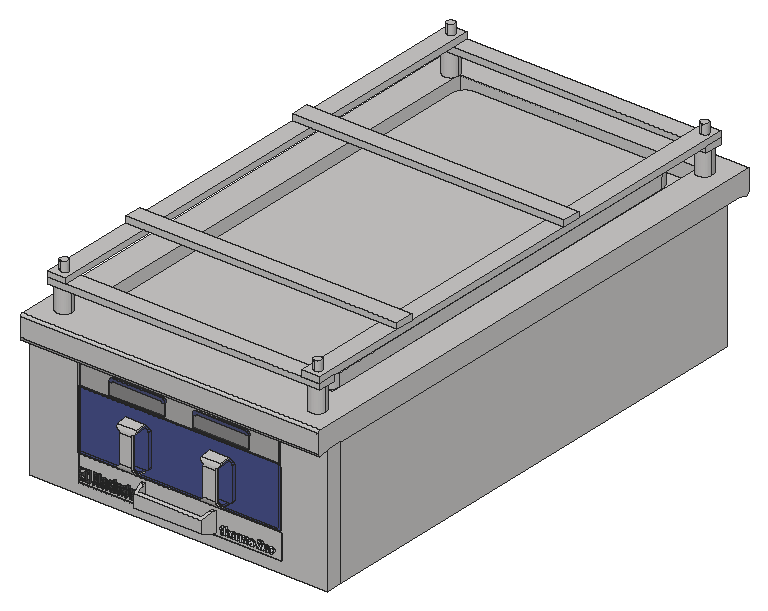
Revit family "QF_ELECTROLUXPROFESSIONAL_589890_MCTAAAEODM", category Specialty Equipment, Revit 2014
Parameters
  Weight in Pounds = 487.22
  URL Cutsheet = ""
  Type Mark [instance] = ""
  Specification by User [instance] = ""
  Specification by Manufacturer = ""
  Serial Number = ""
  Seismic Rating = ""
  SMACNA No = ""
  Revision Code [instance] = ""
  Omniclass Number and Title = ""
  NAFEM Spec ID Number = ""
  Model = "588557"
  Masterspec = ""
  Manufacturer = "Electrolux Professional"
  Item Number [instance] = ""
  Installed By [instance] = ""
  Identify Quantity as Lot [instance] = yes
  Furnished By [instance] = ""
  Foodservice Equipment Identifier [instance] = yes
  Description = ""
  CSI MasterFormat = ""
  CSI Master Format = ""
Reference planes
  plane 1 "BACK": y = 0
  plane 2: z = 0
  plane 3 "LEFT": x = 0
  plane 4 "RIGHT": x = 500
  plane 5 "FRONT": y = -900
  plane 6 "TOP": z = 900
  plane 7 "Center (Left/Right)": x = 250
  plane 8: y = -450
  plane 9: y = -150
  plane 10: x = 50
  plane 11: x = 450
  plane 12: y = -42
  plane 13: y = -808
  plane 14 "EIx": x = 455
  plane 15 "EIy": y = -685
  plane 16: z = 938
  plane 17 "BaseTop": z = 650
  plane 18: y = -855
Forms (mm)
  Extrusion 1, solid, material "QF_Finishes_Stainless Steel"
    sketch origin (-178.969, -4572, 100) x (-1, 0, 0) y (0, -1, 0)
      loop
        line (-178.969, -4527) -> (-178.969, -3717) -> (-678.969, -3717) -> (-678.969, -4527) -> (-178.969, -4527)
    from 550 to 762.969
  Extrusion 2, solid, material "QF_Finishes_Stainless Steel"
    sketch origin (0, 0, 650) x (-1, 0, 0) y (0, -1, 0)
      loop
        circle (-455, 685) r 6.35
    from 0 to -11.851
  Extrusion 3, solid, material "QF_Finishes_Stainless Steel"
    sketch origin (250, 296.4, 1219.2) x (0, 1, 0) y (0, 0, 1)
      loop
        line (-296.4, -319.2) -> (-1191.4, -319.2)
        arc (-1191.4, -319.2) -> (-1194.935, -320.664) -> (-1196.4, -324.2) r 5
        line (-1196.4, -324.2) -> (-1196.4, -355.2)
        arc (-1196.4, -355.2) -> (-1194.971, -358.264) -> (-1191.705, -359.139) r 4
        line (-1191.705, -359.139) -> (-1176.4, -356.231) -> (-316.4, -356.231) -> (-301.094, -359.139)
        arc (-301.094, -359.139) -> (-297.829, -358.264) -> (-296.4, -355.2) r 4
        line (-296.4, -355.2) -> (-296.4, -319.2)
    from -250 to 250
  Extrusion 4, solid, material "QF_Finishes_Stainless Steel"
    sketch origin (0, 0, 900) x (-1, 0, 0) y (0, -1, 0)
      loop
        arc (-95, 67) -> (-80.858, 72.858) -> (-75, 87) r 20
        line (-75, 87) -> (-75, 763)
        arc (-75, 763) -> (-80.858, 777.142) -> (-95, 783) r 20
        line (-95, 783) -> (-405, 783)
        arc (-405, 783) -> (-419.142, 777.142) -> (-425, 763) r 20
        line (-425, 763) -> (-425, 87)
        arc (-425, 87) -> (-419.142, 72.858) -> (-405, 67) r 20
        line (-405, 67) -> (-95, 67)
    from 1 to -20
  Extrusion 5, void
    sketch origin (0, 0, 900) x (-1, 0, 0) y (0, -1, 0)
      loop
        line (-50, 808) -> (-450, 808) -> (-450, 42) -> (-50, 42) -> (-50, 808)
    from 0 to -25
Cuts and joins
  Extrusion 5 cuts Extrusion 3
Lines and regions (mm)
  symbolic lines
    curve 1: line (0, 0, 100) -> (500, 0, 100)
    curve 2: line (0, -900, 100) -> (0, 0, 100)
    curve 3: line (500, -900, 100) -> (0, -900, 100)
    curve 4: line (500, 0, 100) -> (500, -900, 100)
    curve 5: line (50, -808, 0) -> (450, -808, 0)
    curve 6: line (450, -808, 0) -> (450, -42, 0)
    curve 7: line (450, -42, 0) -> (50, -42, 0)
    curve 8: line (50, -42, 0) -> (50, -808, 0)
    curve 9: arc (95, -67, 0) -> (80.858, -72.858, 0) -> (75, -87, 0) r 20
    curve 10: line (405, -67, 0) -> (95, -67, 0)
    curve 11: arc (425, -87, 0) -> (419.142, -72.858, 0) -> (405, -67, 0) r 20
    curve 12: arc (75, -763, 0) -> (80.858, -777.142, 0) -> (95, -783, 0) r 20
    curve 13: line (95, -783, 0) -> (405, -783, 0)
    curve 14: arc (405, -783, 0) -> (419.142, -777.142, 0) -> (425, -763, 0) r 20
    curve 15: line (425, -763, 0) -> (425, -707.5, 0)
    curve 16: line (75, -87, 0) -> (75, -327, 0)
    curve 17: line (75, -357.5, 0) -> (75, -677.5, 0)
    curve 18: line (425, -327.5, 0) -> (425, -87, 0)
    curve 19: line (425, -678, 0) -> (425, -358, 0)
    curve 20: line (75, -707.5, 0) -> (75, -763, 0)
Dimensions and locks
  plane 3 "LEFT" to plane 4 "RIGHT" = 500 mm
  plane 5 "FRONT" to plane 1 "BACK" = 900 mm
  equal spacing: plane 3 "LEFT", plane 7 "Center (Left/Right)", plane 4 "RIGHT"
  equal spacing: plane 5 "FRONT", plane 8, plane 1 "BACK"
  plane 6 "TOP" to level = 900 mm  (x2)
  plane 1 "BACK" to plane 9 = 150 mm
  plane 1 "BACK" to Extrusion 2 = 685 mm
  locked: plane 14 "EIx" to plane 4 "RIGHT" at 45
  plane 15 "EIy" to plane 1 "BACK" = 685 mm
  plane 16 to plane 6 "TOP" = 38 mm
  plane 12 to plane 1 "BACK" = 42 mm
  plane 5 "FRONT" to plane 13 = 92 mm
  plane 3 "LEFT" to plane 10 = 50 mm
  plane 11 to plane 4 "RIGHT" = 50 mm
  locked: plane 6 "TOP" to plane 17 "BaseTop" at 250
  locked: plane 18 to plane 5 "FRONT" at 45
  aligned and locked: level to plane 2
  aligned and locked: cut or joined group of Extrusion 3, Extrusion 5 to plane 3 "LEFT"
  aligned and locked: cut or joined group of Extrusion 3, Extrusion 5 to plane 4 "RIGHT"
  aligned and locked: Extrusion 5 sketch curve to plane 10
  aligned and locked: plane 12 to Extrusion 5 sketch curve
  aligned and locked: plane 11 to Extrusion 5 sketch curve
  aligned and locked: Extrusion 5 sketch curve to plane 13
  aligned and locked: nested 1 to plane 18
  aligned and locked: Extrusion 1 to plane 18
  aligned and locked: plane 3 "LEFT" to nested 1
Automatic sketch dimensions
  Extrusion 3 sketch curve to plane 5 "FRONT" = 0 mm
  Extrusion 3 sketch curve to plane 6 "TOP" = 0 mm
  Extrusion 3 sketch curve to plane 1 "BACK" = 0 mm
  Extrusion 3 sketch curve to plane 5 "FRONT" = 4 mm
  Extrusion 3 sketch curve to Extrusion 3 sketch curve = 0.695 mm
  Extrusion 3 sketch curve to plane 5 "FRONT" = 5 mm
  Extrusion 3 sketch curve to Extrusion 3 sketch curve = 15.305 mm
  plane 1 "BACK" to Extrusion 3 sketch curve = 20 mm
  plane 1 "BACK" to Extrusion 3 sketch curve = 4.695 mm
  Extrusion 3 sketch curve to Extrusion 3 sketch curve = 4 mm
  Extrusion 3 sketch curve to Extrusion 3 sketch curve = 31 mm
  Extrusion 3 sketch curve to plane 6 "TOP" = 36 mm
  Extrusion 3 sketch curve to Extrusion 3 sketch curve = 2.909 mm
  Extrusion 1 sketch curve to plane 4 "RIGHT" = 0 mm
  Extrusion 1 sketch curve to plane 3 "LEFT" = 0 mm
  plane 1 "BACK" to Extrusion 1 sketch curve = 45 mm
  plane 1 "BACK" to curve 1 = 0 mm
  curve 1 to plane 4 "RIGHT" = 0 mm
  curve 2 to plane 3 "LEFT" = 0 mm
  plane 5 "FRONT" to curve 3 = 0 mm
  Extrusion 2 sketch curve to plane 14 "EIx" = 0 mm
  Extrusion 2 sketch curve to plane 15 "EIy" = 0 mm
  Extrusion 1 sketch curve to plane 5 "FRONT" = 45 mm
  plane 11 to Extrusion 4 sketch curve = 25 mm
  Extrusion 4 sketch curve to Extrusion 4 sketch curve = 20 mm  (x3)
  plane 9 to Extrusion 4 sketch curve = 63 mm
  Extrusion 4 sketch curve to plane 10 = 45 mm
  Extrusion 4 sketch curve to plane 13 = 45 mm  (x2)
  curve 8 to plane 10 = 0 mm
  curve 6 to plane 11 = 0 mm
  plane 13 to curve 5 = 0 mm
  plane 12 to curve 8 = 0 mm
  curve 16 to plane 10 = 25 mm
  curve 20 to plane 10 = 25 mm
  curve 9 to curve 10 = 20 mm
  curve 12 to curve 13 = 20 mm
  plane 11 to curve 10 = 45 mm
  plane 11 to curve 13 = 45 mm
  curve 14 to curve 15 = 20 mm
  curve 11 to curve 18 = 20 mm
  curve 13 to plane 13 = 25 mm
  plane 12 to curve 11 = 45 mm
  curve 17 to plane 10 = 25 mm
  plane 11 to curve 19 = 25 mm
  curve 20 to plane 15 "EIy" = 22.5 mm
  curve 15 to plane 15 "EIy" = 22.5 mm
  plane 15 "EIy" to curve 19 = 7 mm
  plane 15 "EIy" to curve 17 = 7.5 mm
  plane 8 to curve 19 = 92 mm
  plane 8 to curve 17 = 92.5 mm
  curve 19 to curve 18 = 30.5 mm
  curve 17 to curve 16 = 30.5 mm
  radius of Extrusion 2 sketch curve = 6.35 mm
Nested families
  nested 1: "Front_Panel_W500_Two Knobs" at (52.376, -855, 0), type "Front_Panel_W500_Two Knobs"
  nested 2: "QF_ELECTROLUXPROFESSIONAL_MARINE500x900_1" at (0, 0, 0), type "QF_ELECTROLUXPROFESSIONAL_MARINE500x900_1"
    with Type Mark "", Specification by User "", Revision Code "", Item Number "", Installed By "", Identify Quantity as Lot yes, Furnished By "", Foodservice Equipment Identifier yes
Connectors
  electrical at (455, -685, 638.149)
    settings: on Extrusion 2, index 1, voltage 400 V, apparent load 33000 VA, apparent load phase1 0 VA, apparent load phase2 0 VA, apparent load phase3 0 VA, power factor 1, load classification "Other", number of poles 1, system type 30, power factor state 1, is connector primary yes, connector utility no, sub classification motor no, connector description "ELECTRICAL CONNECTION"
Definition of nested family "Front_Panel_W500_Two Knobs"
  Reference planes
    plane 1 "Center (Front/Back)": y = 0
    plane 2: z = 0
    plane 3 "Center (Left/Right)": x = 197.624
    plane 4 "Left": x = -52.376
    plane 5 "Right": x = 447.624
    plane 6: y = -45
    plane 7: x = 127.624
    plane 8: y = -310
    plane 9: y = -25
    plane 10: x = 370.124
    plane 11: x = 30.124
  Forms (mm)
    Extrusion 1, solid, material "QF_Finishes_Stainless Steel"
      sketch origin (833.217, 829.203, -1.25) x (0, 1, 0) y (0, 0, 1)
        loop
          line (-854.203, 651.25) -> (-829.203, 651.25) -> (-829.203, 864.25) -> (-854.203, 864.25) -> (-854.203, 651.25)
      from -885.593 to -385.593
    Extrusion 2, void
      sketch origin (0, 0, 0) x (1, 0, 0) y (0, 0, 1)
        loop
          line (27.624, 853.866) -> (27.624, 711.866) -> (367.624, 711.866) -> (367.624, 853.866) -> (27.624, 853.866)
      from 19.387 to 33.951
    Extrusion 3, void
      sketch origin (0, 0, 0) x (1, 0, 0) y (0, 0, 1)
        loop
          line (30.124, 711.866) -> (30.124, 666.866) -> (370.124, 666.866) -> (370.124, 711.866) -> (30.124, 711.866)
      from 19.387 to 25
    Extrusion 4, solid, material "QF_Finishes_Stainless Steel"
      sketch origin (0, 0, 0) x (1, 0, 0) y (0, 0, 1)
        loop
          line (31.124, 710.866) -> (31.124, 667.866) -> (369.124, 667.866) -> (369.124, 710.866) -> (31.124, 710.866)
      from 19.387 to 25
    Extrusion 5, solid, material "QF_Finishes_Stainless Steel"
      sketch origin (0, 0, 0) x (1, 0, 0) y (0, 1, 0)
        loop
          line (141.059, -25) -> (135.966, -25) -> (140.646, -49.075) -> (254.603, -49.075) -> (259.283, -25) -> (254.189, -25) -> (250.481, -44.075) -> (144.767, -44.075) -> (141.059, -25)
      from 672.593 to 705.67
    Extrusion 6, void
      sketch origin (197.624, 0, 0) x (0, 1, 0) y (0, 0, 1)
        loop
          line (-30, 705.67) -> (-30, 710.67) -> (-56.744, 710.67) -> (-56.744, 667.593) -> (-30, 667.593) -> (-30, 672.593) -> (-53.776, 680.318) -> (-53.776, 697.945) -> (-30, 705.67)
      from -70 to 70
    Extrusion 7, solid, material "QF_Door-Drawer Clearances", detail levels coarse
      sketch origin (0, -265, 0) x (1, 0, 0) y (0, 1, 0)
        loop
          line (140.646, -69.075) -> (254.603, -69.075) -> (259.283, -45) -> (364.124, -45) -> (364.124, 240) -> (31.124, 240) -> (31.124, -45) -> (135.966, -45) -> (140.646, -69.075)
      from 672.593 to 705.67
    Extrusion 8, void
      sketch origin (197.624, -280, 0) x (0, 1, 0) y (0, 0, 1)
        loop
          line (-30, 705.67) -> (-30, 710.67) -> (-56.744, 710.67) -> (-56.744, 667.593) -> (-30, 667.593) -> (-30, 672.593) -> (-53.776, 680.318) -> (-53.776, 697.945) -> (-30, 705.67)
      from -70 to 70
  Cuts and joins
    Extrusion 2, Extrusion 3 cuts Extrusion 1
    Extrusion 6, Extrusion 8 cuts Extrusion 5
    Extrusion 8 cuts Extrusion 7
  Lines and regions (mm)
    symbolic lines, style "SpecialityEquipmentHiddenLines"
      curve 1: line (31.124, -45, 0) -> (31.124, -310, 0)
      curve 2: line (31.124, -310, 0) -> (364.124, -310, 0)
      curve 3: line (135.966, -310, 0) -> (140.646, -334.075, 0)
      curve 4: line (140.646, -334.075, 0) -> (254.603, -334.075, 0)
      curve 5: line (254.603, -334.075, 0) -> (259.283, -310, 0)
      curve 6: line (364.124, -310, 0) -> (364.124, -45, 0)
      curve 7: line (31.124, -300, 0) -> (364.124, -300, 0)
      curve 8: line (140.874, -309.046, 0) -> (144.767, -329.075, 0)
      curve 9: line (144.767, -329.075, 0) -> (250.481, -329.075, 0)
      curve 10: line (250.481, -329.075, 0) -> (254.375, -309.046, 0)
  Dimensions and locks
    equal spacing: plane 5 "Right", plane 3 "Center (Left/Right)", plane 4 "Left"
    plane 5 "Right" to plane 4 "Left" = 500 mm
    plane 3 "Center (Left/Right)" to plane 7 = 70 mm
    plane 6 to plane 8 = 265 mm
    aligned and locked: cut or joined group of Extrusion 1, Extrusion 2, Extrusion 3 to plane 4 "Left"
    aligned and locked: plane 5 "Right" to cut or joined group of Extrusion 1, Extrusion 2, Extrusion 3
    aligned and locked: plane 3 "Center (Left/Right)" to nested 1
    aligned and locked: cut or joined group of Extrusion 1, Extrusion 2, Extrusion 3 to nested 1
  Automatic sketch dimensions
    plane 6 to curve 1 = 0 mm
    curve 1 to plane 8 = 0 mm
    plane 6 to curve 6 = 0 mm
    plane 11 to curve 1 = 1 mm
    plane 7 to curve 3 = 13.021 mm
    curve 3 to curve 8 = 4.122 mm
    curve 10 to plane 8 = 19.075 mm
    plane 3 "Center (Left/Right)" to curve 10 = 52.857 mm
    curve 5 to plane 8 = 24.075 mm
    curve 9 to curve 5 = 4.122 mm
    curve 2 to plane 10 = 6 mm
    plane 7 to curve 3 = 8.342 mm
    plane 8 to curve 8 = 0.954 mm
    curve 3 to curve 8 = 4.908 mm
    plane 8 to curve 10 = 0.954 mm
    curve 9 to curve 10 = 3.893 mm
    curve 10 to curve 5 = 4.908 mm
    plane 8 to curve 7 = 10 mm
    Extrusion 1 sketch curve to plane 9 = 0 mm
    Extrusion 1 sketch curve to plane 1 "Center (Front/Back)" = 0 mm
    level to Extrusion 1 sketch curve = 650 mm
    Extrusion 1 sketch curve to Extrusion 1 sketch curve = 213 mm
    Extrusion 2 sketch curve to plane 11 = 2.5 mm
    Extrusion 2 sketch curve to plane 10 = 2.5 mm
    level to Extrusion 2 sketch curve = 711.866 mm
    Extrusion 2 sketch curve to Extrusion 2 sketch curve = 142 mm
    Extrusion 3 sketch curve to plane 11 = 0 mm
    Extrusion 3 sketch curve to plane 10 = 0 mm
    level to Extrusion 3 sketch curve = 666.866 mm
    Extrusion 3 sketch curve to Extrusion 3 sketch curve = 45 mm
    plane 11 to Extrusion 4 sketch curve = 1 mm
    Extrusion 4 sketch curve to plane 10 = 1 mm
    level to Extrusion 4 sketch curve = 667.866 mm
    Extrusion 4 sketch curve to Extrusion 4 sketch curve = 43 mm
    plane 9 to Extrusion 5 sketch curve = 0 mm  (x2)
    plane 7 to Extrusion 5 sketch curve = 8.342 mm
    plane 6 to Extrusion 5 sketch curve = 4.075 mm
    plane 7 to Extrusion 5 sketch curve = 13.021 mm
    Extrusion 5 sketch curve to Extrusion 5 sketch curve = 5.094 mm  (x2)
    Extrusion 5 sketch curve to plane 6 = 0.925 mm
    Extrusion 5 sketch curve to Extrusion 5 sketch curve = 4.122 mm  (x2)
    plane 3 "Center (Left/Right)" to Extrusion 5 sketch curve = 52.857 mm
    Extrusion 5 sketch curve to Extrusion 5 sketch curve = 3.708 mm
    plane 6 to Extrusion 6 sketch curve = 11.744 mm
    plane 6 to Extrusion 6 sketch curve = 8.776 mm
    plane 9 to Extrusion 6 sketch curve = 5 mm  (x2)
    level to Extrusion 6 sketch curve = 667.593 mm
    Extrusion 6 sketch curve to Extrusion 6 sketch curve = 5 mm
    Extrusion 6 sketch curve to Extrusion 6 sketch curve = 12.725 mm  (x2)
    Extrusion 6 sketch curve to Extrusion 6 sketch curve = 17.627 mm
    Extrusion 6 sketch curve to Extrusion 6 sketch curve = 7.725 mm
    plane 9 to Extrusion 7 sketch curve = 0 mm
    Extrusion 7 sketch curve to plane 8 = 0 mm  (x2)
    plane 11 to Extrusion 7 sketch curve = 1 mm
    plane 7 to Extrusion 7 sketch curve = 8.342 mm
    plane 7 to Extrusion 7 sketch curve = 13.021 mm
    Extrusion 7 sketch curve to plane 8 = 24.075 mm
    plane 3 "Center (Left/Right)" to Extrusion 7 sketch curve = 56.979 mm
    Extrusion 7 sketch curve to Extrusion 7 sketch curve = 4.68 mm
    Extrusion 7 sketch curve to plane 10 = 6 mm
    Extrusion 8 sketch curve to plane 8 = 0 mm  (x2)
    Extrusion 8 sketch curve to plane 8 = 23.776 mm
    Extrusion 8 sketch curve to Extrusion 8 sketch curve = 2.968 mm
    level to Extrusion 8 sketch curve = 667.593 mm
    Extrusion 8 sketch curve to Extrusion 8 sketch curve = 5 mm
    Extrusion 8 sketch curve to Extrusion 8 sketch curve = 12.725 mm  (x2)
    Extrusion 8 sketch curve to Extrusion 8 sketch curve = 17.627 mm
    Extrusion 8 sketch curve to Extrusion 8 sketch curve = 7.725 mm
  Nested families
    nested 1: "Front glass control panel W500" at (197.624, 280.644, 2.752), type "Front glass control panel W500"
    nested 2: "Range Control Handle" at (127.624, -28.137, -209.113) x (-1, 0, 0) z (0, 0, 1), type "Range Control Handle"
    nested 3: "Range Control Handle" at (267.624, -28.137, -209.113), type "Range Control Handle"
    nested 4: "ELX_ThermaLine_Small" at (308.838, -25, 680.426) x (1, 0, 0) z (0, -1, 0), type "ELX_ThermaLine_Small"
      with Show Logo yes, Material_Logo QF_Finishes_Black
    nested 5: "ELX_Professional_Logo_Small2" at (83.472, -25, 682.659) x (1, 0, 0) z (0, -1, 0), type "ELX_Professional_Logo_Small2"
      with Show Logo yes, Material_Logo QF_Finishes_Black
  Definition of nested family "Front glass control panel W500"
    Reference planes
      plane 1 "Center (Front/Back)": y = 0
      plane 2: z = 0
      plane 3 "Center (Left/Right)": x = 0
    Forms (mm)
      Extrusion 1, solid, material "QF_Finishes_Electrolux Cyan"
        sketch origin (378.286, 0, 0.617) x (1, 0, 0) y (0, 0, 1)
          loop
            line (-548.286, 806.791) -> (-548.286, 708.497) -> (-208.286, 708.497) -> (-208.286, 806.791) -> (-548.286, 806.791)
        from 300.031 to 304.8
      Extrusion 2, solid, material "QF_Finishes_Electrolux_Black"
        sketch origin (378.286, 0, 0.617) x (1, 0, 0) y (0, 0, 1)
          loop
            line (-548.286, 850.497) -> (-548.286, 806.791) -> (-208.286, 806.791) -> (-208.286, 850.497) -> (-548.286, 850.497)
        from 300.031 to 304.8
      Extrusion 3, void
        sketch origin (378.286, 0, 0.617) x (1, 0, 0) y (0, 0, 1)
          loop
            line (-545.628, 847.565) -> (-545.628, 710.699) -> (-211.196, 710.699) -> (-211.196, 847.565) -> (-545.628, 847.565)
        from 303.697 to 304.8
      Extrusion 4, solid, material "QF_Finishes_Electrolux_Black Smoke Iluminated"
        sketch origin (-378.333, 1.101, -0.633) x (-1, 0, 0) y (0, 0, -1)
          loop
            line (-261.431, -812.62) -> (-355.186, -812.62) -> (-355.186, -834.177) -> (-350.269, -834.177) -> (-348.469, -835.977) -> (-268.039, -835.977) -> (-266.24, -834.177) -> (-261.431, -834.177) -> (-261.431, -812.62)
        from 304.798 to 306.745
      Extrusion 5, solid, material "QF_Finishes_Electrolux_Royal Blue Illuminated"
        sketch origin (-378.333, 1.101, -0.633) x (-1, 0, 0) y (0, 0, -1)
          loop
            line (-350.269, -834.177) -> (-355.078, -834.177)
            arc (-355.078, -834.177) -> (-353.942, -838.747) -> (-349.686, -840.763) r 5.5
            line (-349.686, -840.763) -> (-266.98, -840.763)
            arc (-266.98, -840.763) -> (-262.706, -838.752) -> (-261.529, -834.177) r 5.549
            line (-261.529, -834.177) -> (-266.24, -834.177) -> (-268.039, -835.977) -> (-348.469, -835.977) -> (-350.269, -834.177)
        from 304.798 to 306.745
      Extrusion 6, solid, material "QF_Finishes_Electrolux_Black Smoke Iluminated"
        sketch origin (378.333, 1.101, -0.633) x (1, 0, 0) y (0, 0, 1)
          loop
            line (-261.431, 812.62) -> (-261.431, 834.177) -> (-266.24, 834.177) -> (-268.039, 835.977) -> (-348.469, 835.977) -> (-350.269, 834.177) -> (-355.186, 834.177) -> (-355.186, 812.62) -> (-261.431, 812.62)
        from 304.798 to 306.745
      Extrusion 7, solid, material "QF_Finishes_Electrolux_Royal Blue Illuminated"
        sketch origin (378.333, 1.101, -0.633) x (1, 0, 0) y (0, 0, 1)
          loop
            line (-350.269, 834.177) -> (-348.469, 835.977) -> (-268.039, 835.977) -> (-266.24, 834.177) -> (-261.529, 834.177)
            arc (-261.529, 834.177) -> (-262.706, 838.752) -> (-266.98, 840.763) r 5.549
            line (-266.98, 840.763) -> (-349.686, 840.763)
            arc (-349.686, 840.763) -> (-353.942, 838.747) -> (-355.078, 834.177) r 5.5
            line (-355.078, 834.177) -> (-350.269, 834.177)
        from 304.798 to 306.745
    Cuts and joins
      Extrusion 3 cuts Extrusion 1
      Extrusion 3 cuts Extrusion 2
    Dimensions and locks
      aligned and locked: Extrusion 1 to Extrusion 2
      aligned and locked: Extrusion 5 sketch curve to Extrusion 4  (x5)
      aligned and locked: Extrusion 5 to Extrusion 4
      aligned and locked: Extrusion 7 sketch curve to Extrusion 6  (x4)
      aligned and locked: Extrusion 6 to Extrusion 7 sketch curve
      aligned and locked: Extrusion 7 to Extrusion 6
  Definition of nested family "Range Control Handle"
    Reference planes
      plane 1 "Center (Front/Back)": y = 0
      plane 2: z = 0
      plane 3 "Center (Left/Right)": x = 0
      plane 4: z = 971.092
      plane 5: y = -16.9
    Forms (mm)
      Extrusion 1, solid, material "QF_Finishes_Electrolux Cyan"
        sketch origin (-746.28, 380.497, 208.931) x (-1, 0, 0) y (0, 0, 1)
          loop
            line (-770.101, 786.798) -> (-770.101, 731.649)
            arc (-770.101, 731.649) -> (-769.759, 730.563) -> (-768.855, 729.87) r 1.893
            line (-768.855, 729.87) -> (-763.474, 727.911) -> (-729.81, 727.911) -> (-724.428, 729.87)
            arc (-724.428, 729.87) -> (-723.525, 730.563) -> (-723.183, 731.649) r 1.893
            line (-723.183, 731.649) -> (-723.183, 786.798)
            arc (-723.183, 786.798) -> (-723.529, 787.894) -> (-724.44, 788.593) r 1.91
            line (-724.44, 788.593) -> (-729.683, 790.819) -> (-763.601, 790.819) -> (-768.844, 788.593)
            arc (-768.844, 788.593) -> (-769.755, 787.894) -> (-770.101, 786.798) r 1.91
        from -382.35 to -378.852
      Sweep 2, solid, material "QF_Finishes_Electrolux Cyan"
        path origin (-746.788, 380.496, 208.091) x (0, -1, 0) y (0, 0, 1)
          loop
            line (379.775, 793.281) -> (395.661, 791.048)
            arc (395.661, 791.048) -> (397.781, 787.377) -> (398.517, 783.202) r 12.207
            line (398.517, 783.202) -> (398.517, 737.368)
            arc (398.517, 737.368) -> (397.781, 733.193) -> (395.661, 729.522) r 12.207
            line (395.661, 729.522) -> (379.775, 727.289)
        profile origin (-746.788, -7.222, 1000.256) x (0, -0.139173, 0.990268) y (-1, 0, 0)
          loop
            line (0.782, -763.123) -> (0.782, -730.907) -> (-1.322, -730.907) -> (-1.322, -763.123) -> (0.782, -763.123)
      Sweep 3, solid, material "QF_Finishes_Stainless Steel"
        path origin (-746.788, 380.715, 207.832) x (0, -1, 0) y (0, 0, 1)
          loop
            line (380.478, 795.442) -> (397.218, 793.09)
            arc (397.218, 793.09) -> (399.929, 788.473) -> (400.871, 783.202) r 15.207
            line (400.871, 783.202) -> (400.871, 737.584)
            arc (400.871, 737.584) -> (399.914, 732.274) -> (397.164, 727.633) r 15.207
            line (397.164, 727.633) -> (380.601, 725.305)
        profile origin (-746.788, -8.132, 1002.099) x (0, -0.139173, 0.990268) y (-1, 0, 0)
          loop
            line (0.782, -763.123) -> (0.782, -730.907) -> (-1.322, -730.907) -> (-1.322, -763.123) -> (0.782, -763.123)
      Extrusion 4, void
        sketch origin (889.253, 220.666, 207.993) x (1, 0, 0) y (0, 0, 1)
          loop
            line (-943.038, 816.854) -> (-943.038, 703.686) -> (-899.466, 734.196) -> (-899.466, 786.344) -> (-943.038, 816.854)
        from 230.636 to 242.25
      Extrusion 5, void
        sketch origin (-888.8, 220.666, 207.993) x (-1, 0, 0) y (0, 0, -1)
          loop
            line (-943.038, -816.854) -> (-899.466, -786.344) -> (-899.466, -734.196) -> (-943.038, -703.686) -> (-943.038, -816.854)
        from 230.636 to 242.25
      Extrusion 6, solid, material "QF_Finishes_Electrolux Cyan"
        sketch origin (0, 0, 0) x (1, 0, 0) y (0, 0, 1)
          loop
            circle (0, 971.092) r 7.736
        from -3.137 to -1.645
    Cuts and joins
      Extrusion 4, Extrusion 5 cuts Sweep 3
      Extrusion 4, Extrusion 5 cuts Sweep 2
      joined: Extrusion 1, Extrusion 6
    Lines and regions (mm)
      symbolic lines
        curve 1: line (16.334, -16.9, 0) -> (16.334, -19.227, 0)
        curve 2: spline (16.334, -19.227, 0) -> (15.87, -19.385, 0) -> (15.404, -19.536, 0) -> (14.936, -19.678, 0) -> (14.466, -19.813, 0) -> (13.995, -19.94, 0) -> (13.523, -20.059, 0) -> (13.049, -20.171, 0) -> (12.575, -20.274, 0) -> (12.099, -20.37, 0) -> (11.622, -20.458, 0) -> (11.144, -20.537, 0) -> (10.666, -20.609, 0)
        curve 3: line (10.666, -16.9, 0) -> (10.666, -20.938, 0)
        curve 4: line (-10.213, -20.938, 0) -> (10.666, -20.938, 0)
        curve 5: line (-10.213, -20.938, 0) -> (-10.213, -16.9, 0)
        curve 6: spline (-10.213, -20.609, 0) -> (-10.691, -20.537, 0) -> (-11.169, -20.458, 0) -> (-11.646, -20.37, 0) -> (-12.122, -20.274, 0) -> (-12.597, -20.171, 0) -> (-13.07, -20.059, 0) -> (-13.542, -19.94, 0) -> (-14.013, -19.813, 0) -> (-14.483, -19.678, 0) -> (-14.951, -19.536, 0) -> (-15.417, -19.385, 0) -> (-15.881, -19.227, 0)
        curve 7: line (-15.881, -19.227, 0) -> (-15.881, -16.9, 0)
  Definition of nested family "ELX_ThermaLine_Small"
    Parameters (values of type "ELX_ThermaLine_Small")
      Show Logo [instance] = yes
      Material_Logo [instance] = QF_Finishes_Black
      Default Elevation = 0 mm
    Reference planes
      plane 1 "Centro (Fronte/Retro)": y = 0
      plane 2: z = 0
      plane 3 "Centro (Sinistra/Destra)": x = 0
    Forms (mm)
      Extrusion 1, solid
        sketch origin (0, 0, 0) x (1, 0, 0) y (0, 1, 0)
          loop
            line (-1219.2, 1219.2) -> (-1219.2, -1219.2) -> (1219.2, -1219.2) -> (1219.2, 1219.2) -> (-1219.2, 1219.2)
        from 0 to -304.8
      Extrusion 2, solid, material "QF_Finishes_White"
        sketch origin (0, 0, 0) x (1, 0, 0) y (0, 1, 0)
          loop
            line (-37.494, 1.229) -> (-35.908, 1.229) -> (-35.908, 3.066) -> (-37.494, 3.066) -> (-37.494, 6.221) -> (-39.867, 4.881) -> (-39.867, 3.066) -> (-40.969, 3.066) -> (-40.969, 1.229) -> (-39.867, 1.229) -> (-39.867, -3.407)
            arc (-39.867, -3.407) -> (-38.982, -5.513) -> (-36.751, -6.001) r 2.478
            line (-36.751, -6.001) -> (-35.638, -5.7) -> (-35.9, -3.835) -> (-36.661, -4.039)
            arc (-36.661, -4.039) -> (-37.236, -3.924) -> (-37.494, -3.399) r 0.662
            line (-37.494, -3.399) -> (-37.494, 1.229)
          loop
            line (-34.242, 6.539) -> (-34.242, -5.848) -> (-31.854, -5.848) -> (-31.854, -0.078)
            arc (-31.854, -0.078) -> (-30.939, 1.249) -> (-29.33, 1.367) r 1.866
            arc (-29.33, 1.367) -> (-28.695, 0.768) -> (-28.461, -0.073) r 1.627
            line (-28.461, -0.073) -> (-28.461, -5.848) -> (-26.086, -5.848) -> (-26.064, -0.46)
            arc (-26.064, -0.46) -> (-26.261, 0.932) -> (-26.786, 2.237) r 5.825
            arc (-26.786, 2.237) -> (-29.381, 3.264) -> (-31.854, 1.971) r 3.353
            line (-31.854, 1.971) -> (-31.854, 6.539) -> (-34.242, 6.539)
          loop
            arc (-18.398, -0.598) -> (-18.893, 0.879) -> (-20.326, 1.487) r 1.897
            arc (-20.326, 1.487) -> (-21.461, 0.708) -> (-21.897, -0.598) r 2.164
            line (-21.897, -0.598) -> (-18.398, -0.598)
          loop
            arc (-16.021, -2.044) -> (-16.754, 1.227) -> (-19.444, 3.226) r 4.814
            arc (-19.444, 3.226) -> (-22.137, 2.788) -> (-23.943, 0.743) r 4.054
            arc (-23.943, 0.743) -> (-24.382, -1.249) -> (-24.162, -3.276) r 6.289
            arc (-24.162, -3.276) -> (-23.302, -4.71) -> (-21.958, -5.705) r 4.28
            arc (-21.958, -5.705) -> (-18.558, -5.814) -> (-16.152, -3.409) r 4.28
            line (-16.152, -3.409) -> (-18.5, -2.995)
            arc (-18.5, -2.995) -> (-19.273, -3.994) -> (-20.533, -4.076) r 1.536
            arc (-20.533, -4.076) -> (-21.56, -3.281) -> (-21.958, -2.044) r 2.197
            line (-21.958, -2.044) -> (-16.021, -2.044)
          loop
            line (-14.165, -5.848) -> (-11.819, -5.848) -> (-11.819, -2.138)
            arc (-11.819, -2.138) -> (-11.787, -1.156) -> (-11.637, -0.185) r 8.18
            arc (-11.637, -0.185) -> (-10.644, 0.972) -> (-9.132, 0.776) r 1.603
            line (-9.132, 0.776) -> (-8.419, 2.846)
            arc (-8.419, 2.846) -> (-10.432, 3.118) -> (-11.994, 1.821) r 2.527
            line (-11.994, 1.821) -> (-11.994, 3.094) -> (-14.165, 3.094) -> (-14.165, -5.848)
          loop
            line (-7.579, 3.094) -> (-7.579, -5.848) -> (-5.178, -5.848) -> (-5.178, -0.756)
            arc (-5.178, -0.756) -> (-4.727, 0.679) -> (-3.417, 1.419) r 2.05
            arc (-3.417, 1.419) -> (-2.499, 0.908) -> (-2.155, -0.085) r 1.471
            line (-2.155, -0.085) -> (-2.155, -5.848) -> (0.23, -5.848) -> (0.23, -1.001)
            arc (0.23, -1.001) -> (0.47, 0.127) -> (1.148, 1.061) r 2.775
            arc (1.148, 1.061) -> (2.225, 1.329) -> (3.05, 0.587) r 1.182
            arc (3.05, 0.587) -> (3.199, -0.019) -> (3.214, -0.642) r 2.894
            line (3.214, -0.642) -> (3.214, -5.848) -> (5.601, -5.848) -> (5.601, 0.261)
            arc (5.601, 0.261) -> (4.87, 2.263) -> (2.976, 3.241) r 2.932
            arc (2.976, 3.241) -> (1.284, 2.973) -> (-0.047, 1.896) r 3.309
            arc (-0.047, 1.896) -> (-1.116, 2.865) -> (-2.506, 3.258) r 3.16
            arc (-2.506, 3.258) -> (-4.105, 2.942) -> (-5.376, 1.92) r 3.419
            line (-5.376, 1.92) -> (-5.376, 3.094) -> (-7.579, 3.094)
          loop
            line (7.583, 0.738) -> (9.702, 0.364)
            arc (9.702, 0.364) -> (11.441, 1.492) -> (12.855, -0.023) r 1.613
            line (12.855, -0.023) -> (9.782, -0.789)
            arc (9.782, -0.789) -> (8.559, -1.346) -> (7.617, -2.305) r 3.687
            arc (7.617, -2.305) -> (7.499, -3.681) -> (7.901, -5.003) r 3.651
            arc (7.901, -5.003) -> (9.107, -5.766) -> (10.515, -6.006) r 3.635
            arc (10.515, -6.006) -> (11.898, -5.697) -> (13.067, -4.895) r 3.734
            line (13.067, -4.895) -> (13.376, -5.848) -> (15.75, -5.848) -> (15.212, -4.193) -> (15.212, 0.38)
            arc (15.212, 0.38) -> (14.897, 1.849) -> (13.818, 2.895) r 2.585
            arc (13.818, 2.895) -> (11.792, 3.442) -> (9.719, 3.11) r 5.005
            arc (9.719, 3.11) -> (8.369, 2.178) -> (7.583, 0.738) r 3.54
          loop
            line (19.723, -5.848) -> (22.233, -5.848) -> (24.854, 6.484) -> (22.345, 6.484) -> (19.723, -5.848)
          loop
            line (24.583, -5.848) -> (26.953, -5.848) -> (28.848, 3.066) -> (26.478, 3.066) -> (24.583, -5.848)
          loop
            line (27.204, 6.484) -> (26.741, 4.305) -> (29.111, 4.305) -> (29.575, 6.484) -> (27.204, 6.484)
          loop
            line (29.355, -5.848) -> (31.849, -5.848) -> (33.098, 0.028)
            arc (33.098, 0.028) -> (34.169, 1.306) -> (35.832, 1.422) r 2.132
            arc (35.832, 1.422) -> (36.324, 0.752) -> (36.383, -0.078) r 1.5
            line (36.383, -0.078) -> (35.157, -5.848) -> (37.536, -5.848) -> (38.936, 0.738)
            arc (38.936, 0.738) -> (38.775, 2.091) -> (37.825, 3.066) r 2.118
            arc (37.825, 3.066) -> (35.392, 3.175) -> (33.295, 1.937) r 4.271
            line (33.295, 1.937) -> (33.535, 3.066) -> (31.25, 3.066) -> (29.355, -5.848)
          loop
            line (42.792, -0.64) -> (46.589, -0.64)
            arc (46.589, -0.64) -> (46.639, 0.124) -> (46.327, 0.823) r 1.589
            arc (46.327, 0.823) -> (45.117, 1.521) -> (43.762, 1.183) r 1.865
            arc (43.762, 1.183) -> (43.141, 0.344) -> (42.792, -0.64) r 3.538
          loop
            line (42.565, -2.138) -> (48.593, -2.138)
            arc (48.593, -2.138) -> (48.58, 0.597) -> (46.983, 2.818) r 4.494
            arc (46.983, 2.818) -> (44.191, 3.28) -> (41.725, 1.891) r 4.26
            arc (41.725, 1.891) -> (40.503, -0.3) -> (40.284, -2.799) r 6.003
            arc (40.284, -2.799) -> (40.959, -4.468) -> (42.377, -5.576) r 3.482
            arc (42.377, -5.576) -> (44.265, -5.961) -> (46.152, -5.576) r 4.823
            arc (46.152, -5.576) -> (47.432, -4.731) -> (48.328, -3.485) r 4.245
            line (48.328, -3.485) -> (46.168, -3.105)
            arc (46.168, -3.105) -> (45.214, -4.072) -> (43.859, -4.181) r 1.953
            arc (43.859, -4.181) -> (42.821, -3.408) -> (42.565, -2.138) r 1.81
          loop
            line (12.868, -1.553) -> (10.216, -2.214)
            arc (10.216, -2.214) -> (9.747, -3.136) -> (10.216, -4.058) r 1.14
            arc (10.216, -4.058) -> (11.537, -4.249) -> (12.614, -3.46) r 1.763
            arc (12.614, -3.46) -> (12.858, -2.522) -> (12.868, -1.553) r 3.97
        from 0 to 1.6
    Dimensions and locks
      aligned and locked: plane 2 to Extrusion 1
      aligned and locked: level to Extrusion 1
  Definition of nested family "ELX_Professional_Logo_Small2"
    Parameters (values of type "ELX_Professional_Logo_Small2")
      Show Logo [instance] = yes
      Material_Logo [instance] = QF_Finishes_Black
      Default Elevation = 0 mm
    Reference planes
      plane 1 "Centro (Fronte/Retro)": y = 0
      plane 2: z = 0
      plane 3 "Centro (Sinistra/Destra)": x = 0
    Forms (mm)
      Extrusion 1, solid
        sketch origin (0, 0, 0) x (1, 0, 0) y (0, 1, 0)
          loop
            line (-1219.2, 1219.2) -> (-1219.2, -1219.2) -> (1219.2, -1219.2) -> (1219.2, 1219.2) -> (-1219.2, 1219.2)
        from 0 to -304.8
      Extrusion 2, solid, material "QF_Finishes_Black" <- "Material_Logo"
        sketch origin (15.5, 0, 0) x (1, 0, 0) y (0, 1, 0)
          loop
            spline (-39.691, -1.091) -> (-39.872, -1.083) -> (-40.065, -1.059) -> (-40.265, -1.013) -> (-40.466, -0.945) -> (-40.663, -0.85) -> (-40.851, -0.726) -> (-41.025, -0.569) -> (-41.179, -0.377) -> (-41.308, -0.147) -> (-41.407, 0.125) -> (-41.47, 0.441) -> (-41.492, 0.805)
            line (-41.492, 0.805) -> (-41.492, 2.418) -> (-36.166, 2.418) -> (-36.166, 4.475) -> (-41.493, 4.475) -> (-41.493, 7.47) -> (-35.827, 7.47) -> (-35.827, 9.522) -> (-43.673, 9.522) -> (-43.673, 0.898)
            spline (-43.673, 0.898) -> (-43.654, 0.368) -> (-43.594, -0.132) -> (-43.494, -0.6) -> (-43.352, -1.034) -> (-43.166, -1.432) -> (-42.937, -1.793) -> (-42.661, -2.115) -> (-42.34, -2.396) -> (-41.97, -2.635) -> (-41.552, -2.83) -> (-41.084, -2.978) -> (-40.565, -3.079)
            line (-40.565, -3.079) -> (-39.709, -3.141) -> (-35.675, -3.141) -> (-35.675, -1.091) -> (-39.691, -1.091)
          loop
            line (-34.126, 3.539) -> (-34.126, -3.144) -> (-31.945, -3.144) -> (-31.945, 9.525) -> (-34.126, 9.525) -> (-34.126, 3.539)
          loop
            spline (-21.182, 0.903) -> (-21.167, 1.589) -> (-21.233, 2.252) -> (-21.376, 2.887) -> (-21.594, 3.487) -> (-21.884, 4.047) -> (-22.243, 4.559) -> (-22.669, 5.018) -> (-23.158, 5.419) -> (-23.707, 5.754) -> (-24.315, 6.017) -> (-24.977, 6.204) -> (-25.691, 6.307)
            spline (-25.691, 6.307) -> (-26.371, 6.268) -> (-27.016, 6.151) -> (-27.622, 5.961) -> (-28.185, 5.701) -> (-28.7, 5.372) -> (-29.161, 4.978) -> (-29.565, 4.522) -> (-29.906, 4.007) -> (-30.18, 3.435) -> (-30.381, 2.811) -> (-30.506, 2.136) -> (-30.548, 1.413)
            spline (-30.548, 1.413) -> (-30.507, 0.709) -> (-30.386, 0.05) -> (-30.189, -0.56) -> (-29.921, -1.118) -> (-29.584, -1.622) -> (-29.182, -2.068) -> (-28.72, -2.453) -> (-28.202, -2.775) -> (-27.63, -3.031) -> (-27.009, -3.217) -> (-26.344, -3.331) -> (-25.636, -3.37)
            spline (-25.636, -3.37) -> (-25.291, -3.361) -> (-24.95, -3.335) -> (-24.613, -3.29) -> (-24.28, -3.224) -> (-23.951, -3.134) -> (-23.626, -3.02) -> (-23.305, -2.88) -> (-22.989, -2.712) -> (-22.676, -2.515) -> (-22.368, -2.286) -> (-22.065, -2.023) -> (-21.766, -1.726)
            line (-21.766, -1.726) -> (-23.08, -0.448)
            spline (-23.08, -0.448) -> (-23.254, -0.615) -> (-23.428, -0.768) -> (-23.604, -0.906) -> (-23.785, -1.031) -> (-23.971, -1.142) -> (-24.164, -1.238) -> (-24.366, -1.32) -> (-24.579, -1.387) -> (-24.803, -1.439) -> (-25.041, -1.477) -> (-25.294, -1.5) -> (-25.564, -1.507)
            spline (-25.564, -1.507) -> (-25.958, -1.488) -> (-26.328, -1.43) -> (-26.672, -1.336) -> (-26.989, -1.207) -> (-27.276, -1.044) -> (-27.533, -0.85) -> (-27.757, -0.625) -> (-27.948, -0.371) -> (-28.103, -0.09) -> (-28.221, 0.217) -> (-28.3, 0.549) -> (-28.339, 0.903)
            line (-28.339, 0.903) -> (-21.182, 0.903)
          loop
            spline (-23.373, 2.436) -> (-23.394, 2.706) -> (-23.456, 2.965) -> (-23.555, 3.212) -> (-23.69, 3.444) -> (-23.857, 3.658) -> (-24.053, 3.851) -> (-24.276, 4.022) -> (-24.522, 4.167) -> (-24.79, 4.285) -> (-25.076, 4.372) -> (-25.377, 4.426) -> (-25.691, 4.445)
            spline (-25.691, 4.445) -> (-26.028, 4.426) -> (-26.352, 4.373) -> (-26.661, 4.287) -> (-26.952, 4.171) -> (-27.221, 4.028) -> (-27.467, 3.858) -> (-27.686, 3.666) -> (-27.875, 3.452) -> (-28.033, 3.22) -> (-28.155, 2.972) -> (-28.24, 2.71) -> (-28.284, 2.436)
            line (-28.284, 2.436) -> (-23.373, 2.436)
          loop
            spline (-17.847, 1.469) -> (-17.822, 1.874) -> (-17.749, 2.259) -> (-17.63, 2.62) -> (-17.47, 2.955) -> (-17.27, 3.26) -> (-17.034, 3.534) -> (-16.765, 3.773) -> (-16.464, 3.975) -> (-16.137, 4.136) -> (-15.784, 4.255) -> (-15.41, 4.328) -> (-15.017, 4.353)
            spline (-15.017, 4.353) -> (-14.775, 4.346) -> (-14.544, 4.323) -> (-14.323, 4.286) -> (-14.111, 4.235) -> (-13.907, 4.17) -> (-13.711, 4.091) -> (-13.523, 3.999) -> (-13.342, 3.894) -> (-13.168, 3.776) -> (-13, 3.645) -> (-12.837, 3.503) -> (-12.68, 3.349)
            line (-12.68, 3.349) -> (-11.329, 4.755)
            spline (-11.329, 4.755) -> (-11.597, 5.024) -> (-11.874, 5.266) -> (-12.159, 5.481) -> (-12.451, 5.67) -> (-12.75, 5.834) -> (-13.056, 5.974) -> (-13.369, 6.09) -> (-13.687, 6.183) -> (-14.012, 6.255) -> (-14.342, 6.304) -> (-14.677, 6.334) -> (-15.017, 6.344)
            spline (-15.017, 6.344) -> (-15.698, 6.301) -> (-16.351, 6.178) -> (-16.969, 5.977) -> (-17.547, 5.704) -> (-18.079, 5.364) -> (-18.558, 4.961) -> (-18.98, 4.498) -> (-19.339, 3.982) -> (-19.628, 3.417) -> (-19.841, 2.806) -> (-19.974, 2.155) -> (-20.019, 1.469)
            spline (-20.019, 1.469) -> (-19.974, 0.782) -> (-19.841, 0.131) -> (-19.628, -0.479) -> (-19.339, -1.045) -> (-18.98, -1.561) -> (-18.558, -2.023) -> (-18.079, -2.427) -> (-17.547, -2.767) -> (-16.969, -3.04) -> (-16.351, -3.24) -> (-15.698, -3.364) -> (-15.017, -3.406)
            spline (-15.017, -3.406) -> (-14.677, -3.397) -> (-14.342, -3.367) -> (-14.012, -3.317) -> (-13.687, -3.246) -> (-13.369, -3.153) -> (-13.056, -3.036) -> (-12.75, -2.897) -> (-12.451, -2.733) -> (-12.159, -2.543) -> (-11.874, -2.328) -> (-11.597, -2.087) -> (-11.329, -1.818)
            line (-11.329, -1.818) -> (-12.68, -0.412)
            spline (-12.68, -0.412) -> (-12.837, -0.566) -> (-13, -0.708) -> (-13.168, -0.838) -> (-13.342, -0.956) -> (-13.523, -1.061) -> (-13.711, -1.154) -> (-13.907, -1.232) -> (-14.111, -1.298) -> (-14.323, -1.349) -> (-14.544, -1.386) -> (-14.775, -1.408) -> (-15.017, -1.416)
            spline (-15.017, -1.416) -> (-15.41, -1.391) -> (-15.784, -1.318) -> (-16.137, -1.199) -> (-16.464, -1.037) -> (-16.765, -0.836) -> (-17.034, -0.597) -> (-17.27, -0.323) -> (-17.47, -0.018) -> (-17.63, 0.317) -> (-17.749, 0.678) -> (-17.822, 1.063) -> (-17.847, 1.469)
          loop
            spline (-5.768, -1.094) -> (-5.96, -1.097) -> (-6.166, -1.083) -> (-6.381, -1.047) -> (-6.598, -0.987) -> (-6.813, -0.898) -> (-7.02, -0.778) -> (-7.214, -0.623) -> (-7.389, -0.429) -> (-7.539, -0.193) -> (-7.661, 0.089) -> (-7.747, 0.42) -> (-7.793, 0.805)
            line (-7.793, 0.805) -> (-7.793, 4.036) -> (-5.809, 4.036) -> (-5.809, 6.018) -> (-7.79, 6.018) -> (-7.79, 9.525) -> (-9.971, 9.525) -> (-9.971, 0.681)
            spline (-9.971, 0.681) -> (-9.924, 0.167) -> (-9.84, -0.315) -> (-9.716, -0.766) -> (-9.553, -1.182) -> (-9.35, -1.563) -> (-9.104, -1.907) -> (-8.816, -2.213) -> (-8.484, -2.478) -> (-8.107, -2.701) -> (-7.684, -2.88) -> (-7.214, -3.015) -> (-6.697, -3.102)
            line (-6.697, -3.102) -> (-5.776, -3.144) -> (-5.768, -1.094)
          loop
            spline (1.57, 6.145) -> (1.193, 6.168) -> (0.83, 6.161) -> (0.482, 6.125) -> (0.149, 6.062) -> (-0.166, 5.971) -> (-0.463, 5.854) -> (-0.741, 5.711) -> (-0.999, 5.545) -> (-1.236, 5.355) -> (-1.45, 5.143) -> (-1.642, 4.909) -> (-1.81, 4.655)
            line (-1.81, 4.655) -> (-1.81, 6.017) -> (-3.974, 6.017) -> (-3.974, -3.144) -> (-1.81, -3.144) -> (-1.81, 1.673)
            spline (-1.81, 1.673) -> (-1.79, 2.038) -> (-1.732, 2.379) -> (-1.636, 2.693) -> (-1.505, 2.98) -> (-1.339, 3.238) -> (-1.14, 3.466) -> (-0.91, 3.662) -> (-0.65, 3.826) -> (-0.361, 3.956) -> (-0.046, 4.05) -> (0.296, 4.108) -> (0.661, 4.127)
            line (0.661, 4.127) -> (1.57, 4.036) -> (1.57, 6.145)
          loop
            spline (11.902, 1.437) -> (11.856, 2.109) -> (11.723, 2.749) -> (11.509, 3.353) -> (11.219, 3.915) -> (10.861, 4.43) -> (10.438, 4.893) -> (9.958, 5.298) -> (9.427, 5.641) -> (8.849, 5.917) -> (8.232, 6.121) -> (7.582, 6.247) -> (6.903, 6.29)
            spline (6.903, 6.29) -> (6.221, 6.247) -> (5.567, 6.121) -> (4.949, 5.917) -> (4.371, 5.641) -> (3.84, 5.298) -> (3.361, 4.893) -> (2.94, 4.43) -> (2.582, 3.915) -> (2.294, 3.353) -> (2.081, 2.749) -> (1.949, 2.109) -> (1.904, 1.437)
            spline (1.904, 1.437) -> (1.949, 0.765) -> (2.081, 0.124) -> (2.294, -0.479) -> (2.582, -1.041) -> (2.94, -1.556) -> (3.361, -2.019) -> (3.84, -2.424) -> (4.371, -2.768) -> (4.949, -3.044) -> (5.567, -3.247) -> (6.221, -3.373) -> (6.903, -3.416)
            spline (6.903, -3.416) -> (7.582, -3.373) -> (8.232, -3.247) -> (8.849, -3.044) -> (9.427, -2.768) -> (9.958, -2.424) -> (10.438, -2.019) -> (10.861, -1.556) -> (11.219, -1.041) -> (11.509, -0.479) -> (11.723, 0.124) -> (11.856, 0.765) -> (11.902, 1.437)
          loop
            spline (9.738, 1.437) -> (9.713, 1.833) -> (9.639, 2.211) -> (9.52, 2.568) -> (9.359, 2.9) -> (9.158, 3.205) -> (8.921, 3.48) -> (8.65, 3.72) -> (8.349, 3.924) -> (8.021, 4.088) -> (7.669, 4.208) -> (7.295, 4.283) -> (6.903, 4.309)
            spline (6.903, 4.309) -> (6.508, 4.283) -> (6.131, 4.208) -> (5.778, 4.088) -> (5.449, 3.924) -> (5.149, 3.72) -> (4.879, 3.48) -> (4.643, 3.205) -> (4.444, 2.9) -> (4.284, 2.568) -> (4.166, 2.211) -> (4.093, 1.833) -> (4.068, 1.437)
            spline (4.068, 1.437) -> (4.093, 1.04) -> (4.166, 0.662) -> (4.284, 0.305) -> (4.444, -0.027) -> (4.643, -0.332) -> (4.879, -0.606) -> (5.149, -0.847) -> (5.449, -1.05) -> (5.778, -1.214) -> (6.131, -1.335) -> (6.508, -1.41) -> (6.903, -1.435)
            spline (6.903, -1.435) -> (7.295, -1.41) -> (7.669, -1.335) -> (8.021, -1.214) -> (8.349, -1.05) -> (8.65, -0.847) -> (8.921, -0.606) -> (9.158, -0.332) -> (9.359, -0.027) -> (9.52, 0.305) -> (9.639, 0.662) -> (9.713, 1.04) -> (9.738, 1.437)
          loop
            line (13.243, 3.757) -> (13.243, -3.144) -> (15.425, -3.144) -> (15.425, 9.525) -> (13.243, 9.525) -> (13.243, 3.757)
          loop
            line (23.291, 6.017) -> (23.291, 0.692)
            spline (23.291, 0.692) -> (23.274, 0.346) -> (23.222, 0.034) -> (23.14, -0.245) -> (23.027, -0.492) -> (22.887, -0.706) -> (22.721, -0.89) -> (22.531, -1.043) -> (22.319, -1.166) -> (22.087, -1.261) -> (21.837, -1.328) -> (21.571, -1.368) -> (21.291, -1.381)
            spline (21.291, -1.381) -> (21.011, -1.368) -> (20.746, -1.328) -> (20.496, -1.262) -> (20.264, -1.167) -> (20.052, -1.044) -> (19.862, -0.892) -> (19.696, -0.71) -> (19.556, -0.497) -> (19.444, -0.253) -> (19.361, 0.023) -> (19.31, 0.331) -> (19.292, 0.673)
            line (19.292, 0.673) -> (19.292, 6.017) -> (17.093, 6.017) -> (17.093, 0.491)
            spline (17.093, 0.491) -> (17.132, -0.135) -> (17.245, -0.704) -> (17.426, -1.218) -> (17.672, -1.676) -> (17.975, -2.078) -> (18.331, -2.426) -> (18.734, -2.719) -> (19.18, -2.958) -> (19.662, -3.143) -> (20.175, -3.275) -> (20.714, -3.354) -> (21.274, -3.38)
            spline (21.274, -3.38) -> (21.838, -3.354) -> (22.381, -3.274) -> (22.898, -3.14) -> (23.384, -2.952) -> (23.834, -2.71) -> (24.24, -2.412) -> (24.599, -2.06) -> (24.905, -1.652) -> (25.153, -1.187) -> (25.336, -0.666) -> (25.45, -0.089) -> (25.49, 0.546)
            line (25.49, 0.546) -> (25.49, 6.017) -> (23.291, 6.017)
          loop
            line (33.743, -0.214) -> (32.367, 1.709) -> (34.07, 4.03) -> (35.529, 6.017) -> (33.148, 6.017) -> (31.166, 3.272) -> (29.167, 6.017) -> (26.804, 6.017) -> (28.16, 4.164) -> (29.967, 1.691) -> (28.073, -0.947) -> (26.495, -3.144) -> (28.84, -3.144) -> (31.166, 0.092) -> (33.493, -3.144) -> (35.838, -3.144) -> (33.743, -0.214)
          loop
            line (-42.447, -5.137) -> (-44.134, -5.137) -> (-44.134, -9.516) -> (-43.234, -9.516) -> (-43.234, -8.032) -> (-42.447, -8.032)
            arc (-42.447, -8.032) -> (-40.999, -6.584) -> (-42.447, -5.137) r 1.448
          loop
            line (-43.234, -5.965) -> (-43.234, -7.204) -> (-42.424, -7.204)
            arc (-42.424, -7.204) -> (-41.804, -6.584) -> (-42.424, -5.965) r 0.62
            line (-42.424, -5.965) -> (-43.234, -5.965)
          loop
            line (-35.575, -5.137) -> (-37.293, -5.137) -> (-37.293, -9.516) -> (-36.392, -9.516) -> (-36.392, -8.008) -> (-35.594, -8.008) -> (-34.842, -9.516) -> (-33.82, -9.516) -> (-34.871, -7.786)
            arc (-34.871, -7.786) -> (-34.322, -7.274) -> (-34.13, -6.548) r 1.352
            arc (-34.13, -6.548) -> (-34.565, -5.548) -> (-35.575, -5.137) r 1.445
          loop
            line (-35.594, -5.965) -> (-36.392, -5.965) -> (-36.392, -7.186) -> (-35.442, -7.186)
            arc (-35.442, -7.186) -> (-35.1, -6.524) -> (-35.594, -5.965) r 0.661
          loop
            circle (-28.229, -7.326) r 2.275
          loop
            circle (-28.229, -7.326) r 1.444
          loop
            line (-22.188, -5.137) -> (-22.188, -9.516) -> (-21.287, -9.516) -> (-21.287, -7.716) -> (-19.639, -7.716) -> (-19.639, -6.888) -> (-21.287, -6.888) -> (-21.287, -5.964) -> (-19.481, -5.964) -> (-19.481, -5.137) -> (-22.188, -5.137)
          loop
            line (-15.766, -5.137) -> (-15.766, -8.096)
            arc (-15.766, -8.096) -> (-15.362, -9.099) -> (-14.364, -9.516) r 1.402
            line (-14.364, -9.516) -> (-12.95, -9.516) -> (-12.95, -8.689) -> (-14.468, -8.689)
            arc (-14.468, -8.689) -> (-14.787, -8.198) -> (-14.865, -7.619) r 1.335
            line (-14.865, -7.619) -> (-13.091, -7.619) -> (-13.091, -6.792) -> (-14.865, -6.792) -> (-14.865, -5.964) -> (-12.992, -5.964) -> (-12.992, -5.137) -> (-15.766, -5.137)
          loop
            line (-7.06, -6.285) -> (-6.413, -5.841)
            arc (-6.413, -5.841) -> (-7.012, -5.257) -> (-7.827, -5.064) r 1.568
            arc (-7.827, -5.064) -> (-8.537, -5.246) -> (-9.109, -5.704) r 1.737
            arc (-9.109, -5.704) -> (-9.185, -6.278) -> (-9.069, -6.846) r 1.747
            arc (-9.069, -6.846) -> (-8.604, -7.322) -> (-7.991, -7.583) r 1.697
            arc (-7.991, -7.583) -> (-7.363, -7.888) -> (-7.219, -8.571) r 0.793
            arc (-7.219, -8.571) -> (-7.696, -8.764) -> (-8.199, -8.664) r 0.894
            arc (-8.199, -8.664) -> (-8.57, -8.451) -> (-8.802, -8.092) r 0.909
            line (-8.802, -8.092) -> (-9.49, -8.524)
            arc (-9.49, -8.524) -> (-9.217, -8.974) -> (-8.819, -9.318) r 1.684
            arc (-8.819, -9.318) -> (-8.314, -9.534) -> (-7.768, -9.589) r 1.816
            arc (-7.768, -9.589) -> (-7.093, -9.454) -> (-6.485, -9.131) r 2.372
            arc (-6.485, -9.131) -> (-6.216, -8.417) -> (-6.355, -7.666) r 1.424
            arc (-6.355, -7.666) -> (-6.655, -7.321) -> (-7.038, -7.07) r 1.651
            arc (-7.038, -7.07) -> (-7.522, -6.854) -> (-8.019, -6.668) r 8.697
            arc (-8.019, -6.668) -> (-8.306, -6.222) -> (-7.891, -5.891) r 0.396
            arc (-7.891, -5.891) -> (-7.43, -5.992) -> (-7.06, -6.285) r 1.054
          loop
            line (-0.443, -6.285) -> (0.204, -5.841)
            arc (0.204, -5.841) -> (-0.396, -5.257) -> (-1.211, -5.064) r 1.568
            arc (-1.211, -5.064) -> (-1.921, -5.246) -> (-2.493, -5.704) r 1.737
            arc (-2.493, -5.704) -> (-2.569, -6.278) -> (-2.453, -6.846) r 1.747
            arc (-2.453, -6.846) -> (-1.988, -7.322) -> (-1.375, -7.583) r 1.697
            arc (-1.375, -7.583) -> (-0.747, -7.888) -> (-0.603, -8.571) r 0.793
            arc (-0.603, -8.571) -> (-1.079, -8.764) -> (-1.583, -8.664) r 0.894
            arc (-1.583, -8.664) -> (-1.954, -8.451) -> (-2.186, -8.092) r 0.909
            line (-2.186, -8.092) -> (-2.874, -8.524)
            arc (-2.874, -8.524) -> (-2.601, -8.974) -> (-2.203, -9.318) r 1.684
            arc (-2.203, -9.318) -> (-1.698, -9.534) -> (-1.152, -9.589) r 1.816
            arc (-1.152, -9.589) -> (-0.477, -9.454) -> (0.131, -9.131) r 2.372
            arc (0.131, -9.131) -> (0.4, -8.417) -> (0.261, -7.666) r 1.424
            arc (0.261, -7.666) -> (-0.038, -7.321) -> (-0.422, -7.07) r 1.651
            arc (-0.422, -7.07) -> (-0.906, -6.854) -> (-1.403, -6.668) r 8.697
            arc (-1.403, -6.668) -> (-1.69, -6.222) -> (-1.275, -5.891) r 0.396
            arc (-1.275, -5.891) -> (-0.814, -5.992) -> (-0.443, -6.285) r 1.054
          loop
            line (4.125, -5.137) -> (4.125, -9.516) -> (5.026, -9.516) -> (5.026, -5.137) -> (4.125, -5.137)
          loop
            circle (11.097, -7.326) r 1.362
          loop
            circle (11.097, -7.326) r 2.275
          loop
            line (17.139, -9.516) -> (18.049, -9.516) -> (18.049, -6.763) -> (20.052, -9.516) -> (20.927, -9.516) -> (20.927, -5.137) -> (20.018, -5.137) -> (20.018, -7.974) -> (18.015, -5.137) -> (17.139, -5.137) -> (17.139, -9.516)
          loop
            line (25.468, -9.516) -> (25.894, -8.571) -> (27.514, -8.571) -> (27.941, -9.516) -> (28.909, -9.516) -> (26.705, -5.137) -> (24.501, -9.516) -> (25.468, -9.516)
          loop
            line (26.705, -6.774) -> (26.299, -7.673) -> (27.11, -7.673) -> (26.705, -6.774)
          loop
            line (33.382, -8.688) -> (33.382, -5.137) -> (32.481, -5.137) -> (32.481, -9.516) -> (35.066, -9.516) -> (35.066, -8.688) -> (33.382, -8.688)
          loop
            line (-67.847, -9.516) -> (-48.784, -9.516) -> (-48.784, 9.522) -> (-67.847, 9.522) -> (-67.847, -9.516)
          loop
            line (-55.77, 8.587) -> (-55.77, -8.542)
            arc (-55.77, -8.542) -> (-49.438, 0.022) -> (-55.77, 8.587) r 8.958
          loop
            line (-56.641, 7.347) -> (-56.641, 8.587)
            arc (-56.641, 8.587) -> (-63.765, 6.968) -> (-67.197, 0.519) r 8.779
            line (-67.197, 0.519) -> (-64.363, 0.519)
            arc (-64.363, 0.519) -> (-59.301, 2.574) -> (-56.641, 7.347) r 8.229
          loop
            arc (-67.197, -0.474) -> (-63.771, -6.976) -> (-56.641, -8.762) r 9.009
            line (-56.641, -8.762) -> (-56.641, -7.302)
            arc (-56.641, -7.302) -> (-59.301, -2.529) -> (-64.363, -0.474) r 8.229
            line (-64.363, -0.474) -> (-67.197, -0.474)
        from 0 to 1.644
    Dimensions and locks
      aligned and locked: plane 2 to Extrusion 1
      aligned and locked: level to Extrusion 1
Definition of nested family "QF_ELECTROLUXPROFESSIONAL_MARINE500x900_1"
  Parameters (values of type "QF_ELECTROLUXPROFESSIONAL_MARINE500x900_1")
    Weight in Pounds = 487.22
    URL Cutsheet = ""
    Type Mark [instance] = ""
    Specification by User [instance] = ""
    Specification by Manufacturer = ""
    Serial Number = ""
    Seismic Rating = ""
    SMACNA No = ""
    Revision Code [instance] = ""
    Omniclass Number and Title = ""
    NAFEM Spec ID Number = ""
    Model = "589503"
    Masterspec = ""
    Manufacturer = "Electrolux Professional"
    Item Number [instance] = ""
    Installed By [instance] = ""
    Identify Quantity as Lot [instance] = yes
    Furnished By [instance] = ""
    Foodservice Equipment Identifier [instance] = yes
    Description = ""
    CSI MasterFormat = ""
    CSI Master Format = ""
  Reference planes
    plane 1 "BACK": y = 0
    plane 2: z = 0
    plane 3 "LEFT": x = 0
    plane 4 "RIGHT": x = 500
    plane 5 "FRONT": y = -900
    plane 6 "TOP": z = 900
    plane 7 "Center (Left/Right)": x = 250
    plane 8: y = -450
    plane 9: y = -150
    plane 10: x = 80
    plane 11: x = 420
    plane 12: y = -80
    plane 13: y = -820
    plane 14 "EIx": x = 455
    plane 15 "EIy": y = -685
    plane 16: z = 938
    plane 17 "BaseTop": z = 650
    plane 18: y = -855
    plane 19: z = 975
  Forms (mm)
    Extrusion 1, solid, material "QF_Finishes_Stainless Steel"
      sketch origin (97.5, 0, 940) x (0, 1, 0) y (-1, 0, 0)
        loop
          line (-30, 75) -> (-60, 75) -> (-60, -380) -> (-30, -380) -> (-30, 75)
        loop
          line (-870, 75) -> (-870, -380) -> (-840, -380) -> (-840, 75) -> (-870, 75)
        loop
          circle (-855, 60) r 6.5
        loop
          circle (-855, -365) r 6.5
        loop
          circle (-45, 60) r 6.5
        loop
          circle (-45, -365) r 6.5
      from 0 to 10
    Extrusion 2, solid, material "QF_Finishes_Stainless Steel"
      sketch origin (97.5, 0, 950) x (0, 1, 0) y (-1, 0, 0)
        loop
          line (-30, 75) -> (-870, 75) -> (-870, 45) -> (-30, 45) -> (-30, 75)
        loop
          line (-30, -380) -> (-30, -350) -> (-870, -350) -> (-870, -380) -> (-30, -380)
        loop
          circle (-45, 60) r 6.5
        loop
          circle (-45, -365) r 6.5
        loop
          circle (-855, 60) r 6.5
        loop
          circle (-855, -365) r 6.5
      from 0 to 10
    Extrusion 3, solid, material "QF_Finishes_Stainless Steel"
      sketch origin (97.5, 0, 960) x (0, 1, 0) y (-1, 0, 0)
        loop
          line (-327.5, 75) -> (-357.5, 75) -> (-357.5, -380) -> (-327.5, -380) -> (-327.5, 75)
        loop
          line (-677.5, 75) -> (-707.5, 75) -> (-707.5, -380) -> (-677.5, -380) -> (-677.5, 75)
      from 0 to 10
    Extrusion 4, solid, material "QF_Finishes_Stainless Steel"
      sketch origin (97.5, -1, 900) x (-1, 0, 0) y (0, -1, 0)
        loop
          circle (60, 44) r 13
        loop
          circle (-365, 44) r 13
        loop
          circle (60, 854) r 13
        loop
          circle (-365, 854) r 13
      from 0 to 40
    Extrusion 5, solid, material "QF_Finishes_Stainless Steel"
      sketch origin (97.5, -1, 940) x (0, 1, 0) y (-1, 0, 0)
        loop
          circle (-854, 60) r 6.5
        loop
          circle (-854, -365) r 6.5
        loop
          circle (-44, 60) r 6.5
        loop
          circle (-44, -365) r 6.5
      from 0 to 35
  Lines and regions (mm)
    symbolic lines
      curve 1: line (0, 0, 100) -> (500, 0, 100)
      curve 2: line (0, -900, 100) -> (0, 0, 100)
      curve 3: line (500, -900, 100) -> (0, -900, 100)
      curve 4: line (500, 0, 100) -> (500, -900, 100)
      curve 5: line (477.5, -30, 940) -> (22.5, -30, 940)
      curve 6: line (22.5, -30, 940) -> (22.5, -870, 940)
      curve 7: line (477.5, -870, 940) -> (477.5, -30, 940)
      curve 8: line (22.5, -870, 940) -> (477.5, -870, 940)
      curve 9: line (22.5, -707.5, 940) -> (477.5, -707.5, 940)
      curve 10: line (477.5, -677.5, 940) -> (22.5, -677.5, 940)
